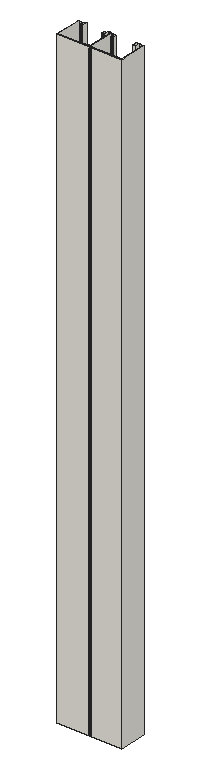
Revit family "Geräteeinbaukana, Kanalhöhe 90mm", category Generic Models, Revit 2015
Parameters (values of type "GS-D90210RW")
  URL = "http://www.obo-bettermann.com"
  Material 2 = 1060 Alloy RAL 9010
  Material = Steel, Galvanized RAL 9010
  Manufacturer Art.No. = "6278500"
  Manufacturer = "OBO Bettermann"
  Length = 2000 mm
  GTIN = "4012195666097"
  Article Type = "GS-D90210RW"
Reference planes
  plane 1 "Center (Front/Back)": y = 0
  plane 2: z = 0
  plane 3 "Center (Left/Right)": x = 0
  plane 4: z = 2000
Forms (mm)
  Extrusion 1, solid, material "Steel, Galvanized RAL 9010" <- "Material"
    sketch origin (0, 0, 0) x (1, 0, 0) y (0, 1, 0)
      loop
        line (-105, 90) -> (-105, 0) -> (105, 0) -> (105, 90) -> (88.45, 90) -> (88.45, 77.6) -> (81.6, 77.6) -> (81.6, 90) -> (80.6, 90) -> (80.6, 76.6) -> (89.45, 76.6) -> (89.45, 89) -> (104, 89) -> (104, 1) -> (-104, 1) -> (-104, 89) -> (-89.45, 89) -> (-89.45, 76.6) -> (-80.6, 76.6) -> (-80.6, 90) -> (-81.6, 90) -> (-81.6, 77.6) -> (-88.45, 77.6) -> (-88.45, 90) -> (-105, 90)
    from 0 to 2000
  Extrusion 2, solid, material "1060 Alloy RAL 9010" <- "Material 2"
    sketch origin (0, 0, 0) x (1, 0, 0) y (0, 1, 0)
      loop
        line (-19.45, 1) -> (19.45, 1) -> (19.45, 2.4) -> (4, 2.4) -> (4, 4.037) -> (5.5, 4.037) -> (5.5, 5.3) -> (2.8, 5.3) -> (2.8, 2.4) -> (1, 2.4) -> (1, 87.9) -> (9.9, 87.9) -> (9.9, 75.8) -> (18.8, 75.8) -> (18.8, 86.2) -> (17.2, 86.2) -> (17.2, 77.4) -> (11.5, 77.4) -> (11.5, 89.5) -> (0, 89.5) -> (-11.5, 89.5) -> (-11.5, 77.4) -> (-17.2, 77.4) -> (-17.2, 86.2) -> (-18.8, 86.2) -> (-18.8, 75.8) -> (-9.9, 75.8) -> (-9.9, 87.9) -> (-1, 87.9) -> (-1, 2.4) -> (-2.8, 2.4) -> (-2.8, 5.3) -> (-5.5, 5.3) -> (-5.5, 4.037) -> (-4, 4.037) -> (-4, 2.4) -> (-19.45, 2.4) -> (-19.45, 1)
    from 0 to 2000
Dimensions and locks
  locked: Extrusion 1 sketch curve to Extrusion 1 sketch curve at 90  (x2)
  locked: Extrusion 1 sketch curve to plane 3 "Center (Left/Right)" at 105
  locked: Extrusion 1 sketch curve to Extrusion 1 sketch curve at 16.55  (x2)
  locked: Extrusion 1 sketch curve to Extrusion 1 sketch curve at 12.4  (x2)
  locked: Extrusion 1 sketch curve to Extrusion 1 sketch curve at 6.85  (x2)
  locked: plane 3 "Center (Left/Right)" to Extrusion 1 sketch curve at 105
  locked: Extrusion 1 sketch curve to Extrusion 1 sketch curve at 1  (x11)
  locked: Extrusion 2 sketch curve to Extrusion 1 at 1.4
  locked: Extrusion 2 sketch curve to Extrusion 2 sketch curve at 38.9
  locked: plane 3 "Center (Left/Right)" to Extrusion 2 sketch curve at 19.45
  locked: Extrusion 2 sketch curve to Extrusion 2 sketch curve at 2
  locked: Extrusion 2 sketch curve to plane 3 "Center (Left/Right)" at 1
  locked: Extrusion 2 sketch curve to Extrusion 2 sketch curve at 1.8  (x2)
  locked: Extrusion 2 sketch curve to Extrusion 2 sketch curve at 1.2  (x2)
  locked: Extrusion 2 sketch curve to Extrusion 2 sketch curve at 2.9  (x2)
  locked: Extrusion 2 sketch curve to Extrusion 2 sketch curve at 2.7  (x2)
  locked: Extrusion 1 to Extrusion 2 sketch curve at 88.5
  locked: plane 3 "Center (Left/Right)" to Extrusion 2 sketch curve at 11.5
  locked: Extrusion 2 sketch curve to Extrusion 2 sketch curve at 12.1  (x2)
  locked: Extrusion 2 sketch curve to Extrusion 2 sketch curve at 5.7  (x2)
  locked: Extrusion 2 sketch curve to Extrusion 2 sketch curve at 8.8  (x2)
  locked: Extrusion 2 sketch curve to Extrusion 2 sketch curve at 1.6  (x8)
  locked: Extrusion 2 sketch curve to plane 3 "Center (Left/Right)" at 11.5
  "Length": plane 4 to level
  aligned and locked: level to plane 2
  aligned and locked: plane 1 "Center (Front/Back)" to Extrusion 1 sketch curve
  aligned and locked: Extrusion 1 sketch curve to Extrusion 1 sketch curve  (x3)
  aligned and locked: Extrusion 1 to level
  aligned and locked: Extrusion 2 sketch curve to Extrusion 1
  aligned and locked: Extrusion 2 sketch curve to Extrusion 2 sketch curve  (x3)
  aligned and locked: plane 3 "Center (Left/Right)" to Extrusion 2 sketch curve
  aligned and locked: Extrusion 2 to level
  aligned and locked: Extrusion 1 to Extrusion 2
  aligned and locked: plane 4 to Extrusion 1
Automatic sketch dimensions
  Extrusion 2 sketch curve to Extrusion 2 sketch curve = 1.263 mm
  Extrusion 2 sketch curve to Extrusion 2 sketch curve = 1.637 mm
